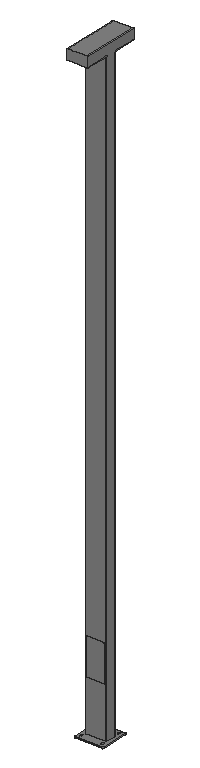
Revit family "Супремус В", category Осветительные приборы, Revit 2019 (continued)
Parameters (values of type "ДТУ121с10 Светодиодный светильник Супремус-B ДТУ-121-AF-ДТУП1212(60Вт)+ДТУП1212(60Вт)-6,0")
    0.0 0.0 0.0 0.0 0.0 0.0 0.0 0.0 0.0 0.0 0.0 0.0 0.0 0.0 0.0 0.0 0.0 0.0 0.0 0.0\r\n 0.0 0.0 0.0 0.0 0.0 0.0 0.0 0.0 0.0 0.0 0.0 0.0 0.0 0.0 0.0 0.0 0.0 0.0 0.0 0.0 0.0 0.0 0.0 0.0 0.0 0.0 0.0 0.0 0.0 0.0 0.0 0.0\r\n 0.0 0.0 0.0 0.0 0.0 0.0 0.0 0.0 0.0 0.0 0.0 0.0 0.0 0.0 0.0 0.0 0.0 0.0 0.0 0.0 0.0 0.0 0.0 0.0 0.0 0.0 0.0 0.0 0.0 0.0 0.0 0.0\r\n 0.0 0.0 0.0 0.0 0.0 0.0 0.0 0.0 0.0 0.0 0.0 0.0 0.0 0.0 0.0 0.0 0.0 0.0 0.0 0.0 0.0 0.0 0.0 0.0 0.0 0.0 0.0 0.0 0.0 0.0 0.0 0.0\r\n 0.0 0.0 0.0\r\n275.6 273.3 270.8 268.1 265.9 263.1 260.6 258.2 255.5 252.9 250.2 247.2 243.8 239.9 235.5 231.1 227.1 223.2 220.1 217.2 214.0\r\n 210.7 207.1 203.2 199.2 195.4 191.3 187.4 183.1 178.7 174.0 169.0 163.9 158.9 154.0 149.5 145.1 140.9 137.3 134.0 130.8 128.1\r\n 125.5 122.8 120.4 118.0 115.6 113.1 110.3 107.4 104.4 101.3 98.5 95.8 93.2 90.5 87.6 84.6 81.8 79.1 76.8 74.3 72.0 69.7 67.3 65.3\r\n 63.2 61.3 59.6 58.0 56.5 55.0 53.5 52.1 50.6 49.2 48.0 46.7 45.5 44.5 43.5 42.6 41.7 40.9 40.1 39.3 38.6 38.1 37.8 37.3 37.1 37.0\r\n 37.1 37.0 36.8 37.0 37.4 37.8 38.1 38.0 37.8 37.6 37.3 36.8 36.6 37.1 37.0 36.8 36.2 35.5 34.8 34.0 33.7 33.4 33.0 33.0 33.0 33.3\r\n 34.0 34.6 35.5 36.7 38.1 40.0 42.8 47.2 51.7 56.4 60.8 64.8 68.8 72.0 73.8 73.9 72.0 71.0 68.6 66.5 64.1 62.7 61.3 60.0 58.5 56.8\r\n 56.1 55.2 54.4 53.4 52.5 51.8 51.1 50.4 49.5 48.6 47.6 46.3 45.2 44.3 43.2 42.2 40.4 38.6 36.6 34.9 33.6 32.3 30.6 29.5 28.1 25.7\r\n 22.1 18.9 17.2 16.0 14.9 13.9 13.1 12.3 11.4 9.9 9.6 9.6 10.0 9.9 9.6 8.8 8.1 7.7 7.5 7.8 8.6 8.4 7.8 6.8 5.8 5.3 5.2 5.0 5.3 5.5\r\n 5.7 0.0 0.0 0.0 0.0 0.0 0.0 0.0 0.0 0.0 0.0 0.0 0.0 0.0 0.0 0.0 0.0 0.0 0.0 0.0 0.0 0.0 0.0 0.0 0.0 0.0 0.0 0.0 0.0 0.0 0.0 0.0\r\n 0.0 0.0 0.0 0.0 0.0 0.0 0.0 0.0 0.0 0.0 0.0 0.0 0.0 0.0 0.0 0.0 0.0 0.0 0.0 0.0 0.0 0.0 0.0 0.0 0.0 0.0 0.0 0.0 0.0 0.0 0.0 0.0\r\n 0.0 0.0 0.0 0.0 0.0 0.0 0.0 0.0 0.0 0.0 0.0 0.0 0.0 0.0 0.0 0.0 0.0 0.0 0.0 0.0 0.0 0.0 0.0 0.0 0.0 0.0 0.0 0.0 0.0 0.0 0.0 0.0\r\n 0.0 0.0 0.0 0.0 0.0 0.0 0.0 0.0 0.0 0.0 0.0 0.0 0.0 0.0 0.0 0.0 0.0 0.0 0.0 0.0 0.0 0.0 0.0 0.0 0.0 0.0 0.0 0.0 0.0 0.0 0.0 0.0\r\n 0.0 0.0 0.0 0.0 0.0 0.0 0.0 0.0 0.0 0.0 0.0 0.0 0.0 0.0 0.0 0.0 0.0 0.0 0.0 0.0 0.0 0.0 0.0 0.0 0.0 0.0 0.0 0.0 0.0 0.0 0.0 0.0\r\n 0.0\r\n275.6 273.1 270.6 268.0 265.6 263.0 260.5 258.1 255.4 252.7 250.1 247.1 243.8 240.0 235.6 231.1 227.0 223.2 219.9 216.9 213.9\r\n 210.5 207.1 203.2 199.1 195.2 191.3 187.2 183.0 178.5 173.6 168.6 163.8 158.8 153.9 149.2 144.9 140.9 137.1 133.8 130.8 128.1\r\n 125.4 122.6 119.9 117.5 115.3 112.7 109.9 107.0 103.9 100.8 97.9 95.3 92.7 90.0 87.2 84.2 81.4 78.7 76.4 74.1 71.7 69.3 67.0 64.8\r\n 62.8 61.0 59.2 57.6 56.2 54.7 53.3 51.8 50.4 49.0 47.8 46.6 45.4 44.3 43.4 42.5 41.7 40.9 40.1 39.3 38.6 38.3 37.9 37.5 37.3 37.1\r\n 37.1 37.0 36.8 36.8 37.3 37.8 38.1 38.0 37.7 37.4 37.0 36.7 36.7 37.3 37.2 36.9 36.4 35.6 35.0 34.5 34.1 33.8 33.4 33.2 33.2 33.7\r\n 34.3 35.1 35.9 36.8 38.3 40.2 42.7 46.8 51.2 56.3 60.4 64.4 69.4 74.0 75.6 75.1 73.7 72.1 69.9 66.7 64.2 62.0 60.7 59.6 58.6 58.5\r\n 57.0 55.3 54.3 53.7 52.9 52.3 51.9 51.3 50.2 49.2 47.7 46.3 44.9 43.8 42.6 41.3 39.5 37.6 35.7 34.3 33.0 32.0 30.7 29.1 27.4 25.2\r\n 22.0 18.5 16.8 15.6 14.5 13.6 12.7 11.8 11.1 10.0 9.1 8.8 9.1 9.4 8.9 8.4 7.9 7.4 7.5 7.8 9.3 8.1 7.1 6.4 5.8 5.2 5.1 4.9 5.0 5.2\r\n 5.5 0.0 0.0 0.0 0.0 0.0 0.0 0.0 0.0 0.0 0.0 0.0 0.0 0.0 0.0 0.0 0.0 0.0 0.0 0.0 0.0 0.0 0.0 0.0 0.0 0.0 0.0 0.0 0.0 0.0 0.0 0.0\r\n 0.0 0.0 0.0 0.0 0.0 0.0 0.0 0.0 0.0 0.0 0.0 0.0 0.0 0.0 0.0 0.0 0.0 0.0 0.0 0.0 0.0 0.0 0.0 0.0 0.0 0.0 0.0 0.0 0.0 0.0 0.0 0.0\r\n 0.0 0.0 0.0 0.0 0.0 0.0 0.0 0.0 0.0 0.0 0.0 0.0 0.0 0.0 0.0 0.0 0.0 0.0 0.0 0.0 0.0 0.0 0.0 0.0 0.0 0.0 0.0 0.0 0.0 0.0 0.0 0.0\r\n 0.0 0.0 0.0 0.0 0.0 0.0 0.0 0.0 0.0 0.0 0.0 0.0 0.0 0.0 0.0 0.0 0.0 0.0 0.0 0.0 0.0 0.0 0.0 0.0 0.0 0.0 0.0 0.0 0.0 0.0 0.0 0.0\r\n 0.0 0.0 0.0 0.0 0.0 0.0 0.0 0.0 0.0 0.0 0.0 0.0 0.0 0.0 0.0 0.0 0.0 0.0 0.0 0.0 0.0 0.0 0.0 0.0 0.0 0.0 0.0 0.0 0.0 0.0 0.0 0.0\r\n 0.0\r\n275.6 273.1 270.8 268.1 265.6 263.1 260.6 258.0 255.4 252.8 250.1 247.2 243.8 239.9 235.6 231.1 227.1 223.3 220.1 216.9 214.0\r\n 210.7 207.3 203.3 199.4 195.4 191.4 187.4 183.1 178.6 173.7 168.6 163.6 158.8 154.1 149.5 145.1 141.1 137.4 134.1 130.9 128.0\r\n 125.3 122.6 120.1 117.8 115.6 113.1 110.3 107.3 104.4 101.4 98.5 95.8 93.2 90.6 87.6 84.7 81.8 79.0 76.6 74.3 72.1 69.6 67.4 65.2\r\n 63.0 61.3 59.5 57.9 56.4 54.9 53.6 52.1 50.7 49.3 48.1 46.9 45.7 44.7 43.7 42.8 41.9 41.0 40.2 39.4 38.7 38.2 37.7 37.3 37.2 37.0\r\n 36.9 36.7 36.5 36.5 37.1 37.7 38.0 37.9 37.7 37.2 36.8 36.6 36.6 37.3 37.3 36.9 36.3 35.5 35.1 34.6 34.1 33.6 33.1 32.9 33.0 33.4\r\n 34.0 34.6 35.7 36.8 38.4 40.4 42.9 46.8 51.4 56.2 60.0 63.6 67.4 71.1 73.3 74.1 72.9 71.5 69.3 67.0 64.9 62.5 60.5 59.5 58.8 57.6\r\n 56.9 55.9 54.7 53.9 52.9 52.2 51.5 50.9 50.0 49.1 47.9 46.8 45.6 44.7 43.7 42.2 40.2 38.3 36.4 35.2 33.6 32.6 31.5 29.4 27.6 25.3\r\n 21.9 18.6 16.9 15.6 14.5 13.5 12.6 11.8 10.8 9.7 9.4 9.1 9.4 9.8 9.3 8.7 8.1 7.7 7.7 8.3 9.7 8.5 7.2 6.4 5.7 5.2 5.0 5.1 5.2 5.3\r\n 5.6 0.0 0.0 0.0 0.0 0.0 0.0 0.0 0.0 0.0 0.0 0.0 0.0 0.0 0.0 0.0 0.0 0.0 0.0 0.0 0.0 0.0 0.0 0.0 0.0 0.0 0.0 0.0 0.0 0.0 0.0 0.0\r\n 0.0 0.0 0.0 0.0 0.0 0.0 0.0 0.0 0.0 0.0 0.0 0.0 0.0 0.0 0.0 0.0 0.0 0.0 0.0 0.0 0.0 0.0 0.0 0.0 0.0 0.0 0.0 0.0 0.0 0.0 0.0 0.0\r\n 0.0 0.0 0.0 0.0 0.0 0.0 0.0 0.0 0.0 0.0 0.0 0.0 0.0 0.0 0.0 0.0 0.0 0.0 0.0 0.0 0.0 0.0 0.0 0.0 0.0 0.0 0.0 0.0 0.0 0.0 0.0 0.0\r\n 0.0 0.0 0.0 0.0 0.0 0.0 0.0 0.0 0.0 0.0 0.0 0.0 0.0 0.0 0.0 0.0 0.0 0.0 0.0 0.0 0.0 0.0 0.0 0.0 0.0 0.0 0.0 0.0 0.0 0.0 0.0 0.0\r\n 0.0 0.0 0.0 0.0 0.0 0.0 0.0 0.0 0.0 0.0 0.0 0.0 0.0 0.0 0.0 0.0 0.0 0.0 0.0 0.0 0.0 0.0 0.0 0.0 0.0 0.0 0.0 0.0 0.0 0.0 0.0 0.0\r\n 0.0\r\n275.6 273.3 270.8 268.4 265.7 263.2 260.8 258.3 255.7 253.1 250.5 247.7 244.4 240.7 236.6 232.2 228.0 224.1 220.7 217.7 214.8\r\n 211.4 208.2 204.6 200.6 196.6 192.8 188.8 184.5 180.4 175.5 170.6 165.6 160.8 156.1 151.6 147.3 143.1 139.2 135.5 132.4 129.4\r\n 126.7 124.1 121.3 118.9 116.7 114.4 111.9 109.2 106.2 103.4 100.6 97.8 95.0 92.3 89.6 86.7 83.8 80.9 78.3 75.9 73.7 71.4 69.0\r\n 66.7 64.6 62.8 61.0 59.3 57.7 56.2 54.8 53.3 51.9 50.5 49.2 48.0 46.8 45.6 44.5 43.4 42.4 41.5 40.5 39.7 38.9 38.2 37.7 37.2 36.9\r\n 36.6 36.4 36.4 36.1 35.8 35.9 36.6 37.0 37.3 37.1 36.7 36.3 36.1 36.0 36.5 37.0 36.6 35.8 34.9 34.4 34.0 33.4 32.9 32.5 32.2 32.3\r\n 32.7 33.2 33.8 34.5 35.3 36.9 38.8 41.1 44.4 48.4 52.6 56.1 59.5 62.3 64.3 66.5 69.0 70.0 69.4 68.2 66.5 64.6 62.9 61.3 59.2 57.2\r\n 55.9 54.9 54.3 53.7 52.7 51.7 51.1 50.5 49.7 48.8 47.9 46.9 46.3 45.7 44.7 43.8 42.7 41.0 39.1 37.3 35.7 34.3 33.2 32.4 30.4 28.4\r\n 26.4 23.7 19.7 17.6 16.4 15.3 14.3 13.4 12.6 11.4 10.2 9.8 9.6 9.6 10.0 9.7 8.8 8.1 7.7 7.6 8.4 9.7 8.7 7.5 6.8 6.0 5.4 5.1 5.3\r\n 5.3 5.6 5.9 0.0 0.0 0.0 0.0 0.0 0.0 0.0 0.0 0.0 0.0 0.0 0.0 0.0 0.0 0.0 0.0 0.0 0.0 0.0 0.0 0.0 0.0 0.0 0.0 0.0 0.0 0.0 0.0 0.0\r\n 0.0 0.0 0.0 0.0 0.0 0.0 0.0 0.0 0.0 0.0 0.0 0.0 0.0 0.0 0.0 0.0 0.0 0.0 0.0 0.0 0.0 0.0 0.0 0.0 0.0 0.0 0.0 0.0 0.0 0.0 0.0 0.0\r\n 0.0 0.0 0.0 0.0 0.0 0.0 0.0 0.0 0.0 0.0 0.0 0.0 0.0 0.0 0.0 0.0 0.0 0.0 0.0 0.0 0.0 0.0 0.0 0.0 0.0 0.0 0.0 0.0 0.0 0.0 0.0 0.0\r\n 0.0 0.0 0.0 0.0 0.0 0.0 0.0 0.0 0.0 0.0 0.0 0.0 0.0 0.0 0.0 0.0 0.0 0.0 0.0 0.0 0.0 0.0 0.0 0.0 0.0 0.0 0.0 0.0 0.0 0.0 0.0 0.0\r\n 0.0 0.0 0.0 0.0 0.0 0.0 0.0 0.0 0.0 0.0 0.0 0.0 0.0 0.0 0.0 0.0 0.0 0.0 0.0 0.0 0.0 0.0 0.0 0.0 0.0 0.0 0.0 0.0 0.0 0.0 0.0 0.0\r\n 0.0 0.0 0.0\r\n275.6 273.3 270.8 268.4 266.0 263.6 261.0 258.7 256.0 253.4 250.8 248.1 244.8 241.2 237.3 233.0 228.7 224.8 221.5 218.3 215.5\r\n 212.4 209.2 205.6 201.8 198.1 194.0 190.1 186.0 182.0 177.6 172.5 167.8 162.9 158.3 153.8 149.5 145.3 141.4 137.6 134.1 130.9\r\n 128.1 125.5 122.9 120.5 118.3 116.2 113.9 111.4 108.8 106.2 103.6 100.6 97.9 95.0 92.2 89.3 86.3 83.5 80.8 78.2 75.7 73.5 71.3\r\n 69.0 67.0 65.0 63.0 61.3 59.6 58.0 56.4 55.0 53.5 52.0 50.7 49.4 48.1 46.8 45.6 44.4 43.3 42.2 41.2 40.2 39.3 38.4 37.6 37.1 36.8\r\n 36.6 36.3 36.1 36.0 35.7 35.4 35.5 36.0 36.3 36.5 36.2 35.7 35.4 35.3 35.6 36.0 36.0 35.6 34.8 34.0 33.4 32.9 32.3 31.9 31.7 31.6\r\n 31.8 32.1 32.6 33.3 34.1 35.4 37.1 39.2 42.0 45.7 49.1 52.0 54.7 56.9 58.0 59.1 60.7 62.7 63.8 63.9 63.4 61.9 60.6 59.8 57.8 55.5\r\n 53.6 51.9 50.4 49.5 48.7 48.1 47.6 47.1 46.5 45.9 45.3 44.7 43.8 43.0 42.4 41.7 40.8 39.5 38.0 36.4 34.8 32.9 31.6 30.8 29.0 27.1\r\n 25.2 22.8 19.2 16.9 15.8 14.7 13.7 13.0 12.1 11.3 10.4 10.1 9.8 9.5 9.4 9.4 8.6 8.0 7.5 7.3 7.9 8.5 8.8 6.8 6.2 5.6 5.3 5.1 5.3\r\n 5.3 5.5 5.5 0.0 0.0 0.0 0.0 0.0 0.0 0.0 0.0 0.0 0.0 0.0 0.0 0.0 0.0 0.0 0.0 0.0 0.0 0.0 0.0 0.0 0.0 0.0 0.0 0.0 0.0 0.0 0.0 0.0\r\n 0.0 0.0 0.0 0.0 0.0 0.0 0.0 0.0 0.0 0.0 0.0 0.0 0.0 0.0 0.0 0.0 0.0 0.0 0.0 0.0 0.0 0.0 0.0 0.0 0.0 0.0 0.0 0.0 0.0 0.0 0.0 0.0\r\n 0.0 0.0 0.0 0.0 0.0 0.0 0.0 0.0 0.0 0.0 0.0 0.0 0.0 0.0 0.0 0.0 0.0 0.0 0.0 0.0 0.0 0.0 0.0 0.0 0.0 0.0 0.0 0.0 0.0 0.0 0.0 0.0\r\n 0.0 0.0 0.0 0.0 0.0 0.0 0.0 0.0 0.0 0.0 0.0 0.0 0.0 0.0 0.0 0.0 0.0 0.0 0.0 0.0 0.0 0.0 0.0 0.0 0.0 0.0 0.0 0.0 0.0 0.0 0.0 0.0\r\n 0.0 0.0 0.0 0.0 0.0 0.0 0.0 0.0 0.0 0.0 0.0 0.0 0.0 0.0 0.0 0.0 0.0 0.0 0.0 0.0 0.0 0.0 0.0 0.0 0.0 0.0 0.0 0.0 0.0 0.0 0.0 0.0\r\n 0.0 0.0 0.0\r\n275.6 273.4 271.1 268.7 266.2 264.0 261.6 259.2 256.8 254.2 251.7 248.9 246.0 242.7 238.9 234.8 230.6 226.6 222.8 219.7 216.8\r\n 213.8 210.9 207.7 204.0 200.3 196.5 192.7 188.8 184.8 181.0 176.5 171.8 167.0 162.4 157.9 153.6 149.4 145.4 141.5 137.6 134.1\r\n 131.1 128.3 125.9 123.4 120.9 118.9 116.9 114.8 112.5 110.1 107.8 105.2 102.5 99.7 96.8 93.8 90.8 87.8 84.9 82.2 79.6 77.2 74.9\r\n 72.7 70.4 68.3 66.4 64.5 62.8 61.2 59.6 58.0 56.5 54.9 53.5 52.1 50.7 49.3 47.9 46.6 45.3 44.0 42.8 41.7 40.6 39.6 38.6 37.6 36.8\r\n 36.5 36.2 36.0 35.8 35.6 35.4 35.1 34.8 34.9 35.3 35.3 35.2 34.8 34.5 34.5 34.5 35.2 35.4 35.0 34.1 33.3 32.5 31.7 31.0 30.4 30.1\r\n 30.0 30.1 30.6 31.2 31.9 33.2 34.7 36.1 38.0 41.1 44.1 46.9 49.5 51.2 51.9 52.0 52.5 53.6 55.2 56.8 57.8 57.9 57.5 57.1 56.6 54.7\r\n 53.0 51.2 48.8 47.0 45.6 44.8 44.0 43.5 42.9 42.5 42.1 41.7 41.2 40.6 40.2 39.6 39.1 38.2 37.3 36.0 34.2 32.6 31.3 30.3 29.2 27.0\r\n 25.3 23.4 20.6 17.6 16.1 14.9 13.8 12.9 12.1 11.1 10.5 9.6 9.6 9.3 9.3 9.0 8.9 8.2 7.7 7.4 7.5 7.1 7.3 6.4 5.9 5.4 5.3 5.1 5.1\r\n 5.2 5.3 4.7 0.0 0.0 0.0 0.0 0.0 0.0 0.0 0.0 0.0 0.0 0.0 0.0 0.0 0.0 0.0 0.0 0.0 0.0 0.0 0.0 0.0 0.0 0.0 0.0 0.0 0.0 0.0 0.0 0.0\r\n 0.0 0.0 0.0 0.0 0.0 0.0 0.0 0.0 0.0 0.0 0.0 0.0 0.0 0.0 0.0 0.0 0.0 0.0 0.0 0.0 0.0 0.0 0.0 0.0 0.0 0.0 0.0 0.0 0.0 0.0 0.0 0.0\r\n 0.0 0.0 0.0 0.0 0.0 0.0 0.0 0.0 0.0 0.0 0.0 0.0 0.0 0.0 0.0 0.0 0.0 0.0 0.0 0.0 0.0 0.0 0.0 0.0 0.0 0.0 0.0 0.0 0.0 0.0 0.0 0.0\r\n 0.0 0.0 0.0 0.0 0.0 0.0 0.0 0.0 0.0 0.0 0.0 0.0 0.0 0.0 0.0 0.0 0.0 0.0 0.0 0.0 0.0 0.0 0.0 0.0 0.0 0.0 0.0 0.0 0.0 0.0 0.0 0.0\r\n 0.0 0.0 0.0 0.0 0.0 0.0 0.0 0.0 0.0 0.0 0.0 0.0 0.0 0.0 0.0 0.0 0.0 0.0 0.0 0.0 0.0 0.0 0.0 0.0 0.0 0.0 0.0 0.0 0.0 0.0 0.0 0.0\r\n 0.0 0.0 0.0\r\n275.6 273.5 271.2 268.9 266.7 264.3 262.1 259.9 257.4 254.9 252.4 249.9 247.1 243.9 240.4 236.6 232.5 228.3 224.6 221.2 218.1\r\n 215.3 212.6 209.4 206.2 202.8 199.0 195.4 191.6 187.9 184.1 180.3 176.0 171.5 166.7 162.4 158.1 153.9 149.8 146.1 142.0 138.2\r\n 134.7 131.7 128.9 126.5 124.3 122.2 120.2 118.2 116.3 114.4 112.2 109.9 107.5 105.1 102.5 99.5 96.5 93.4 90.4 87.3 84.6 81.9 79.5\r\n 77.3 75.2 73.0 70.9 68.9 67.1 65.3 63.4 62.0 60.3 58.7 57.0 55.4 53.7 52.1 50.5 49.0 47.5 46.1 44.7 43.3 42.2 41.0 40.0 39.0 38.1\r\n 37.2 36.5 36.1 35.8 35.5 35.3 35.1 34.9 34.6 34.3 34.4 34.5 34.5 34.4 34.0 33.8 34.0 34.5 34.8 34.2 33.4 32.6 31.7 30.9 30.0 29.4\r\n 29.0 28.8 28.8 29.0 29.5 30.6 32.1 33.8 35.5 37.7 40.2 42.7 45.2 46.6 46.7 46.6 46.5 46.8 47.5 48.5 49.7 50.9 51.6 52.1 52.3 52.2\r\n 51.5 50.5 48.8 46.9 45.2 43.9 43.0 42.3 41.9 41.2 40.7 40.0 39.3 38.8 39.0 38.8 38.0 37.2 36.0 34.7 33.2 31.7 30.3 29.3 28.3 26.9\r\n 25.5 24.2 22.1 19.4 17.7 16.5 15.3 14.2 13.2 12.1 11.3 10.6 10.6 9.7 9.4 8.9 8.7 8.3 7.5 7.1 6.9 6.8 6.3 5.9 5.5 5.1 5.0 5.0 5.0\r\n 4.9 4.7 3.6 0.0 0.0 0.0 0.0 0.0 0.0 0.0 0.0 0.0 0.0 0.0 0.0 0.0 0.0 0.0 0.0 0.0 0.0 0.0 0.0 0.0 0.0 0.0 0.0 0.0 0.0 0.0 0.0 0.0\r\n 0.0 0.0 0.0 0.0 0.0 0.0 0.0 0.0 0.0 0.0 0.0 0.0 0.0 0.0 0.0 0.0 0.0 0.0 0.0 0.0 0.0 0.0 0.0 0.0 0.0 0.0 0.0 0.0 0.0 0.0 0.0 0.0\r\n 0.0 0.0 0.0 0.0 0.0 0.0 0.0 0.0 0.0 0.0 0.0 0.0 0.0 0.0 0.0 0.0 0.0 0.0 0.0 0.0 0.0 0.0 0.0 0.0 0.0 0.0 0.0 0.0 0.0 0.0 0.0 0.0\r\n 0.0 0.0 0.0 0.0 0.0 0.0 0.0 0.0 0.0 0.0 0.0 0.0 0.0 0.0 0.0 0.0 0.0 0.0 0.0 0.0 0.0 0.0 0.0 0.0 0.0 0.0 0.0 0.0 0.0 0.0 0.0 0.0\r\n 0.0 0.0 0.0 0.0 0.0 0.0 0.0 0.0 0.0 0.0 0.0 0.0 0.0 0.0 0.0 0.0 0.0 0.0 0.0 0.0 0.0 0.0 0.0 0.0 0.0 0.0 0.0 0.0 0.0 0.0 0.0 0.0\r\n 0.0 0.0 0.0\r\n275.6 273.5 271.3 269.1 267.0 264.8 262.6 260.3 258.2 255.6 253.2 250.8 248.3 245.4 242.3 238.7 235.1 231.1 227.2 223.6 220.4\r\n 217.2 214.4 211.6 208.8 205.8 202.5 198.9 195.5 191.7 188.4 184.7 181.1 177.2 173.1 168.6 164.2 160.0 156.0 152.3 148.6 144.9\r\n 141.2 137.5 134.2 131.5 129.0 126.8 124.7 122.7 120.6 118.8 117.1 115.2 113.2 111.1 109.1 106.9 104.4 101.5 98.5 95.5 92.4 89.3\r\n 86.4 83.9 81.6 79.4 77.3 75.1 73.1 71.1 69.2 67.2 65.3 63.5 61.9 60.4 58.8 57.0 55.2 53.4 51.7 50.0 48.3 46.6 45.1 43.7 42.4 41.3\r\n 40.1 39.1 38.2 37.4 36.6 35.9 35.6 35.3 35.0 34.8 34.7 34.5 34.2 33.9 33.8 33.7 33.5 33.4 33.2 33.3 33.8 34.0 33.4 32.8 31.9 31.0\r\n 30.1 29.1 28.4 27.9 27.6 27.6 27.8 28.4 29.4 30.7 32.2 34.3 37.0 39.8 42.6 44.5 44.8 44.4 43.6 42.9 43.2 43.4 44.0 44.8 45.5 46.1\r\n 46.2 46.0 45.9 45.4 44.9 44.2 43.3 43.1 43.2 42.3 41.4 40.3 39.4 38.3 37.5 37.3 37.2 36.5 35.4 34.3 32.9 31.6 30.2 29.0 28.3 27.1\r\n 25.9 24.8 23.8 22.4 20.6 18.2 16.7 15.6 14.6 13.7 12.7 11.7 10.8 10.2 9.9 9.0 8.6 8.0 8.0 7.6 6.8 6.4 6.0 5.4 5.0 4.7 4.5 4.4 4.4\r\n 4.3 4.2 3.7 2.6 0.0 0.0 0.0 0.0 0.0 0.0 0.0 0.0 0.0 0.0 0.0 0.0 0.0 0.0 0.0 0.0 0.0 0.0 0.0 0.0 0.0 0.0 0.0 0.0 0.0 0.0 0.0 0.0\r\n 0.0 0.0 0.0 0.0 0.0 0.0 0.0 0.0 0.0 0.0 0.0 0.0 0.0 0.0 0.0 0.0 0.0 0.0 0.0 0.0 0.0 0.0 0.0 0.0 0.0 0.0 0.0 0.0 0.0 0.0 0.0 0.0\r\n 0.0 0.0 0.0 0.0 0.0 0.0 0.0 0.0 0.0 0.0 0.0 0.0 0.0 0.0 0.0 0.0 0.0 0.0 0.0 0.0 0.0 0.0 0.0 0.0 0.0 0.0 0.0 0.0 0.0 0.0 0.0 0.0\r\n 0.0 0.0 0.0 0.0 0.0 0.0 0.0 0.0 0.0 0.0 0.0 0.0 0.0 0.0 0.0 0.0 0.0 0.0 0.0 0.0 0.0 0.0 0.0 0.0 0.0 0.0 0.0 0.0 0.0 0.0 0.0 0.0\r\n 0.0 0.0 0.0 0.0 0.0 0.0 0.0 0.0 0.0 0.0 0.0 0.0 0.0 0.0 0.0 0.0 0.0 0.0 0.0 0.0 0.0 0.0 0.0 0.0 0.0 0.0 0.0 0.0 0.0 0.0 0.0 0.0\r\n 0.0 0.0 0.0 0.0\r\n275.6 273.7 271.5 269.5 267.3 265.2 263.1 261.2 259.1 256.8 254.3 252.0 249.5 246.9 244.2 240.9 237.3 233.7 230.0 226.3 222.9\r\n 219.7 216.6 213.7 211.2 208.6 205.7 202.6 199.1 195.9 192.6 189.0 185.6 182.2 178.8 175.1 171.2 166.8 162.7 159.0 155.3 151.8\r\n 148.4 144.9 141.5 137.9 134.8 132.1 129.7 127.5 125.6 124.1 122.5 120.8 119.2 117.5 115.6 113.7 111.7 109.5 106.9 104.2 101.5\r\n 98.6 95.6 92.9 90.2 87.6 85.2 82.8 80.7 78.7 76.6 74.8 72.8 70.9 69.0 67.1 65.2 63.3 61.6 59.8 58.0 56.0 54.0 52.0 50.1 48.2 46.4\r\n 44.7 43.2 41.9 40.8 39.7 38.7 37.8 37.0 36.3 35.7 35.4 35.1 34.8 34.7 34.5 34.2 33.9 33.4 33.1 32.8 32.6 32.6 32.8 33.2 33.2 32.4\r\n 31.5 30.7 30.0 29.3 28.4 27.5 26.9 26.4 26.1 26.1 26.5 27.4 28.6 30.1 31.9 34.2 36.3 39.0 41.8 42.8 43.4 42.3 41.7 41.3 41.5 41.7\r\n 41.6 41.0 40.4 39.8 38.9 38.4 37.7 37.2 37.0 37.5 38.1 37.7 36.5 35.9 35.6 35.6 35.8 34.5 32.7 31.6 30.4 28.9 27.4 26.2 25.1 24.3\r\n 23.5 22.9 22.2 21.7 20.6 19.0 17.1 15.2 14.0 13.0 12.1 11.2 10.0 9.1 8.5 8.3 7.8 7.2 6.9 6.7 6.6 6.1 5.7 5.2 4.7 4.4 4.1 4.0 4.1\r\n 4.0 3.9 3.5 2.5 2.2 0.0 0.0 0.0 0.0 0.0 0.0 0.0 0.0 0.0 0.0 0.0 0.0 0.0 0.0 0.0 0.0 0.0 0.0 0.0 0.0 0.0 0.0 0.0 0.0 0.0 0.0 0.0\r\n 0.0 0.0 0.0 0.0 0.0 0.0 0.0 0.0 0.0 0.0 0.0 0.0 0.0 0.0 0.0 0.0 0.0 0.0 0.0 0.0 0.0 0.0 0.0 0.0 0.0 0.0 0.0 0.0 0.0 0.0 0.0 0.0\r\n 0.0 0.0 0.0 0.0 0.0 0.0 0.0 0.0 0.0 0.0 0.0 0.0 0.0 0.0 0.0 0.0 0.0 0.0 0.0 0.0 0.0 0.0 0.0 0.0 0.0 0.0 0.0 0.0 0.0 0.0 0.0 0.0\r\n 0.0 0.0 0.0 0.0 0.0 0.0 0.0 0.0 0.0 0.0 0.0 0.0 0.0 0.0 0.0 0.0 0.0 0.0 0.0 0.0 0.0 0.0 0.0 0.0 0.0 0.0 0.0 0.0 0.0 0.0 0.0 0.0\r\n 0.0 0.0 0.0 0.0 0.0 0.0 0.0 0.0 0.0 0.0 0.0 0.0 0.0 0.0 0.0 0.0 0.0 0.0 0.0 0.0 0.0 0.0 0.0 0.0 0.0 0.0 0.0 0.0 0.0 0.0 0.0 0.0\r\n 0.0 0.0 0.0 0.0 0.0\r\n275.6 273.7 271.8 269.8 267.9 265.9 264.0 262.0 260.0 257.9 255.6 253.3 251.0 248.8 246.1 243.5 240.4 237.2 233.8 230.1 226.8\r\n 223.3 220.1 217.1 214.2 2
